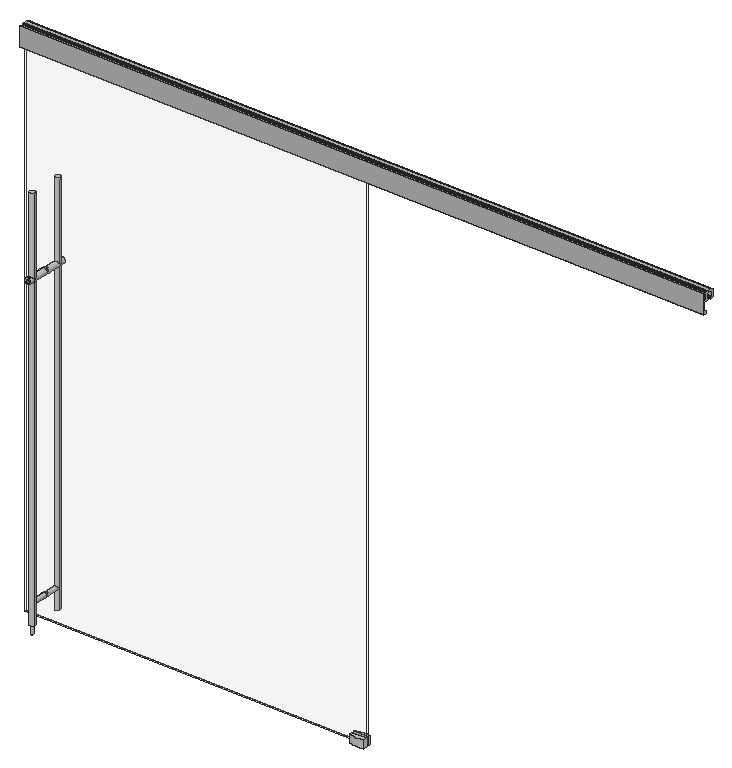
Revit family "Doors_Sliding_Avanti_Systems_Cloud-Assisted-Close-Premium-Sliding-Glass-Door_Solid-Wall", category Doors, host Wall, Revit 2015 (continued)
Definition of nested family "Handle"
  Definition of nested family "Handle_For-Glass_Rounded_600mm"
    Parameters (values of type "Handle_For-Glass_Rounded_600mm")
      Handle Height [instance] = 48"  # constant formula
      Default Elevation = 48"
    Reference planes (in)
      plane 1 "Center (Front/Back)": y = 0
      plane 2: z = 26.93599
      plane 3 "Center (Left/Right)": x = 0
      plane 4: z = 0
      plane 5: z = -2.66749
      plane 6: y = -28.44876
      plane 7: y = 14.63423
      plane 8: y = -33.36577
    Forms (in)
      Sweep 1, solid, material <- "Handle Material"
        path origin (0, -17.24158, 0) x (0, 0, 1) y (0, -1, 0)
          loop
            line (-2.10925, 11.20718) -> (0, 11.20718)
        profile origin (0, -28.44876, 0) x (0, -1, 0) y (1, 0, 0)
          loop
            circle (0, 0) r 0.3125
      Sweep 2, solid, material <- "Handle Material"
        path origin (0, 10.76459, 0) x (0, 0, 1) y (0, -1, 0)
          loop
            line (-2.30394, 1.07019) -> (0, 1.07019)
        profile origin (0, 9.69441, 0) x (0, -1, 0) y (1, 0, 0)
          loop
            circle (0, 0) r 0.3125
      Extrusion 3, solid, material <- "Handle Material"
        sketch origin (0, -17.24158, 0) x (1, 0, 0) y (0, 0, -1)
          loop
            circle (0, 2.27257) r 0.39445
        from -16.12419 to 31.87581
    Dimensions and locks (in)
      locked: plane 8 to plane 6 at 4.91701
      "Handle Height": plane 7 to plane 8
      aligned and locked: plane 7 to Extrusion 3
      aligned and locked: Extrusion 3 to plane 8
  Definition of nested family "Handle_For-Glass_Rounded_60in"
    Parameters (values of type "60"")
      No locker [instance] = yes
      Locker [instance] = yes
      Handle Material [instance] = none
      Handle Height [instance] = 60"  # constant formula
    Reference planes (in)
      plane 1 "Center (Front/Back)": y = 0
      plane 2: z = 19.87581
      plane 3 "Center (Left/Right)": x = 0
      plane 4: z = 2.66749
      plane 5: y = -36.97039
      plane 6: z = 0
      plane 7: y = 20.02961
      plane 8: y = -39.97039
    Forms (in)
      Sweep 1, solid, material <- "Handle Material"
        path origin (0, -11.8462, 0) x (0, 0, -1) y (0, 1, 0)
          loop
            line (-2.10925, -25.12419) -> (0, -25.12419)
        profile origin (0, -36.97039, 0) x (1, 0, 0) y (0, 1, 0)
          loop
            circle (0, 0) r 0.3125
      Sweep 2, solid, material <- "Handle Material"
        path origin (0, 16.15997, 0) x (0, 0, -1) y (0, 1, 0)
          loop
            line (-3.10757, -8.13036) -> (0, -8.13036)
        profile origin (0, 8.02961, 0) x (1, 0, 0) y (0, 1, 0)
          loop
            circle (0, 0) r 0.4375
      Extrusion 3, solid, material <- "Handle Material"
        sketch origin (0, -11.8462, 0) x (1, 0, 0) y (0, 0, -1)
          loop
            circle (0, -2.27257) r 0.39445
        from -28.12419 to 31.87581
      Revolve 4, solid, material <- "Handle Material"
        sketch origin (0, -11.8462, 0) x (0, 0, -1) y (0, 1, 0)
          loop
            line (-3.10757, 20.0489) -> (-3.19084, 20.0489) -> (-3.19084, 19.87581) -> (-3.10757, 19.87581) -> (-3.10757, 20.0489)
          axis (-3.10757, 19.87581) -> (-3.19084, 19.87581)
        angle from 0 to 360
      Extrusion 5, solid, material <- "Handle Material", visible <- "Locker"
        sketch origin (0, -11.8462, 0) x (0, 0, -1) y (0, 1, 0)
          loop
            line (-3.19084, 19.98905) -> (-3.34908, 19.98905)
            arc (-3.34908, 19.98905) -> (-3.37904, 19.97664) -> (-3.39145, 19.94668) r 0.04237
            line (-3.39145, 19.94668) -> (-3.39145, 19.80495)
            arc (-3.39145, 19.80495) -> (-3.37904, 19.77499) -> (-3.34908, 19.76258) r 0.04237
            line (-3.34908, 19.76258) -> (-3.19084, 19.76258) -> (-3.19084, 19.98905)
        from -0.03592 to 0.03621
      Revolve 6, solid, material <- "Handle Material", visible <- "No locker"
        sketch origin (0, -11.62359, 0) x (0, 0, -1) y (0, 1, 0)
          loop
            line (-3.10757, 20.0489) -> (-3.20833, 20.0489) -> (-3.20833, 19.87581) -> (-3.10757, 19.87581) -> (-3.10757, 20.0489)
          axis (-3.10757, 19.87581) -> (-3.20833, 19.87581)
        angle from 0 to 360
      Revolve 7, solid, material <- "Handle Material", visible <- "Locker"
        sketch origin (0, -11.8462, 0) x (0, 0, -1) y (0, 1, 0)
          loop
            line (-2.27257, -28.12419) -> (-2.50833, -28.12419) -> (-2.50833, -29.32199) -> (-2.41048, -29.49919) -> (-2.27257, -29.49919) -> (-2.27257, -28.12419)
          axis (-2.27257, -28.12419) -> (-2.27257, -29.49919)
        angle from 0 to 360
    Lines and regions (in)
      reference lines
        curve 1: line (0, -40.47039, 2.66749) -> (0, -40.47039, 0)
    Dimensions and locks (in)
      locked: plane 8 to plane 5 at 3
      "Handle Height": plane 7 to plane 8
      aligned and locked: Extrusion 3 to plane 7
      aligned and locked: Extrusion 3 to plane 8
      aligned and locked: Sweep 1 sketch curve to plane 5
  Definition of nested family "Handle_For-Glass_Rounded_60in2"
    Parameters (values of type "60"")
      No locker [instance] = yes
      Locker [instance] = yes
      Handle Material [instance] = none
      Handle Height [instance] = 60"  # constant formula
    Reference planes (in)
      plane 1 "Center (Front/Back)": y = 0
      plane 2: z = 19.87581
      plane 3 "Center (Left/Right)": x = 0
      plane 4: y = -36.97039
      plane 5: z = 0
      plane 6: y = 20.02961
      plane 7: y = -39.97039
      plane 8: z = -2.66749
    Forms (in)
      Sweep 1, solid, material <- "Handle Material"
        path origin (0, -11.8462, 0) x (0, 0, 1) y (0, 1, 0)
          loop
            line (-2.10925, -25.12419) -> (0, -25.12419)
        profile origin (0, -36.97039, 0) x (0, -1, 0) y (1, 0, 0)
          loop
            circle (0, 0) r 0.3125
      Sweep 2, solid, material <- "Handle Material"
        path origin (0, 16.15997, 0) x (0, 0, 1) y (0, 1, 0)
          loop
            line (-3.10757, -8.13036) -> (0, -8.13036)
        profile origin (0, 8.02961, 0) x (0, -1, 0) y (1, 0, 0)
          loop
            circle (0, 0) r 0.4375
      Extrusion 3, solid, material <- "Handle Material"
        sketch origin (0, -11.8462, 0) x (1, 0, 0) y (0, 0, -1)
          loop
            circle (0, 2.27257) r 0.39445
        from -28.12419 to 31.87581
      Revolve 4, solid, material <- "Handle Material"
        sketch origin (0, -11.8462, 0) x (0, 0, 1) y (0, 1, 0)
          loop
            line (-3.10757, 20.0489) -> (-3.19084, 20.0489) -> (-3.19084, 19.87581) -> (-3.10757, 19.87581) -> (-3.10757, 20.0489)
          axis (-3.10757, 19.87581) -> (-3.19084, 19.87581)
        angle from 0 to 360
      Extrusion 5, solid, material <- "Handle Material", visible <- "Locker"
        sketch origin (0, -11.8462, 0) x (0, 0, 1) y (0, -1, 0)
          loop
            line (-3.19084, -19.98905) -> (-3.19084, -19.76258) -> (-3.34908, -19.76258)
            arc (-3.34908, -19.76258) -> (-3.37904, -19.77499) -> (-3.39145, -19.80495) r 0.04237
            line (-3.39145, -19.80495) -> (-3.39145, -19.94668)
            arc (-3.39145, -19.94668) -> (-3.37904, -19.97664) -> (-3.34908, -19.98905) r 0.04237
            line (-3.34908, -19.98905) -> (-3.19084, -19.98905)
        from -0.03592 to 0.03621
      Revolve 6, solid, material <- "Handle Material", visible <- "No locker"
        sketch origin (0, -11.62359, 0) x (0, 0, 1) y (0, 1, 0)
          loop
            line (-3.10757, 20.0489) -> (-3.20833, 20.0489) -> (-3.20833, 19.87581) -> (-3.10757, 19.87581) -> (-3.10757, 20.0489)
          axis (-3.10757, 19.87581) -> (-3.20833, 19.87581)
        angle from 0 to 360
      Revolve 7, solid, material <- "Handle Material", visible <- "Locker"
        sketch origin (0, -11.8462, 0) x (0, 0, 1) y (0, 1, 0)
          loop
            line (-2.27257, -28.12419) -> (-2.50833, -28.12419) -> (-2.50833, -29.32199) -> (-2.41048, -29.49919) -> (-2.27257, -29.49919) -> (-2.27257, -28.12419)
          axis (-2.27257, -28.12419) -> (-2.27257, -29.49919)
        angle from 0 to 360
    Lines and regions (in)
      reference lines
        curve 1: line (0, -40.47039, -2.66749) -> (0, -40.47039, 0)
    Dimensions and locks (in)
      locked: plane 7 to plane 4 at 3
      "Handle Height": plane 6 to plane 7
Definition of nested family "Trolley"
  Parameters (values of type "Family9")
    Thickness = 1/2"
    Side width = (211/256" - Thickness) / 2  # 0.16211"
  Reference planes (in)
    plane 1 "Center (Front/Back)": y = 0
    plane 2: z = 0
    plane 3 "Center (Left/Right)": x = 0
  Lines and regions (in)
    model lines, in view "Ref. Level"
      curve 1: arc (-0.24017, -1.1592, 0) -> (-0.24435, -1.15838, 0) -> (-0.24834, -1.15985, 0) r 0.00786
      curve 2: arc (-0.28815, -1.18878, 0) -> (-0.28304, -1.19885, 0) -> (-0.28602, -1.20975, 0) r 0.0157
      curve 3: arc (-0.28602, -1.20975, 0) -> (-0.29555, -1.21582, 0) -> (-0.30669, -1.21392, 0) r 0.0157
      curve 4: arc (-0.30669, -1.21392, 0) -> (-0.31367, -1.20503, 0) -> (-0.31286, -1.19376, 0) r 0.01571
      curve 5: arc (-0.27066, -0.28009, 0) -> (-0.26711, -0.28219, 0) -> (-0.26298, -0.2822, 0) r 0.00782
      curve 6: arc (-0.22509, -0.27206, 0) -> (-0.2188, -0.26785, 0) -> (-0.21637, -0.26069, 0) r 0.01177
      curve 7: arc (-0.21637, -0.25109, 0) -> (-0.21726, -0.24658, 0) -> (-0.21982, -0.24276, 0) r 0.01176
      curve 8: arc (-0.21982, -0.24276, 0) -> (-0.22363, -0.24021, 0) -> (-0.22814, -0.23931, 0) r 0.01176
      curve 9: arc (-0.24313, -0.23931, 0) -> (-0.24674, -0.23844, 0) -> (-0.24954, -0.236, 0) r 0.00785
      curve 10: arc (-0.24954, -0.236, 0) -> (-0.2509, -0.23255, 0) -> (-0.25053, -0.22886, 0) r 0.00788
      curve 11: arc (-0.2256, -0.15823, 0) -> (-0.21844, -0.14876, 0) -> (-0.20712, -0.14516, 0) r 0.01959
      curve 12: arc (0.20679, -0.14516, 0) -> (0.21811, -0.14876, 0) -> (0.22527, -0.15823, 0) r 0.0196
      curve 13: arc (0.2502, -0.22885, 0) -> (0.25057, -0.23255, 0) -> (0.2492, -0.236, 0) r 0.00784
      curve 14: arc (0.2492, -0.236, 0) -> (0.2464, -0.23844, 0) -> (0.24279, -0.23931, 0) r 0.00781
      curve 15: arc (0.2278, -0.23931, 0) -> (0.2233, -0.24021, 0) -> (0.21949, -0.24276, 0) r 0.01173
      curve 16: arc (0.21949, -0.24276, 0) -> (0.21694, -0.24658, 0) -> (0.21604, -0.25109, 0) r 0.01176
      curve 17: arc (0.21604, -0.26069, 0) -> (0.21847, -0.26785, 0) -> (0.22476, -0.27206, 0) r 0.01177
      curve 18: arc (0.26266, -0.2822, 0) -> (0.26678, -0.28219, 0) -> (0.27033, -0.28009, 0) r 0.00782
      curve 19: arc (0.56366, -1.06341, 0) -> (0.53638, -1.06787, 0) -> (0.51414, -1.08429, 0) r 0.05889
      curve 20: arc (0.31252, -1.19376, 0) -> (0.31334, -1.20503, 0) -> (0.30637, -1.21392, 0) r 0.01569
      curve 21: arc (0.30637, -1.21392, 0) -> (0.29523, -1.21583, 0) -> (0.28569, -1.20975, 0) r 0.0157
      curve 22: arc (0.28569, -1.20975, 0) -> (0.28272, -1.19885, 0) -> (0.28783, -1.18878, 0) r 0.0157
      curve 23: arc (0.24802, -1.15985, 0) -> (0.24402, -1.15838, 0) -> (0.23984, -1.1592, 0) r 0.00786
      curve 24: arc (0.23984, -1.1592, 0) -> (0.23671, -1.1621, 0) -> (0.23556, -1.1662, 0) r 0.00786
      curve 25: arc (0.62508, -1.25014, 0) -> (0.63473, -1.24466, 0) -> (0.64576, -1.24345, 0) r 0.02744
      curve 26: arc (0.64576, -1.24345, 0) -> (0.65637, -1.2467, 0) -> (0.66482, -1.25388, 0) r 0.02742
      curve 27: arc (-0.52894, -0.15575, 0) -> (-0.54348, -0.15488, 0) -> (-0.55452, -0.14536, 0) r 0.02276
      curve 28: arc (-0.56138, -0.13374, 0) -> (-0.57565, -0.12144, 0) -> (-0.59446, -0.12032, 0) r 0.02941
      curve 29: arc (-0.59446, -0.12032, 0) -> (-0.6101, -0.13085, 0) -> (-0.61613, -0.14871, 0) r 0.0294
      curve 30: arc (-0.61613, -1.24062, 0) -> (-0.61177, -1.25399, 0) -> (-0.60037, -1.26224, 0) r 0.02273
      curve 31: arc (-0.60037, -1.26224, 0) -> (-0.58628, -1.2622, 0) -> (-0.57491, -1.25388, 0) r 0.02277
      curve 32: arc (-0.57491, -1.25388, 0) -> (-0.56646, -1.2467, 0) -> (-0.55585, -1.24345, 0) r 0.0274
      curve 33: arc (-0.55585, -1.24345, 0) -> (-0.54481, -1.24466, 0) -> (-0.53516, -1.25015, 0) r 0.02746
      curve 34: arc (-0.23597, -1.16737, 0) -> (-0.23675, -1.16261, 0) -> (-0.24017, -1.1592, 0) r 0.00786
      curve 35: arc (0.59863, -0.00345, 0) -> (0.59481, -0.0009, 0) -> (0.5903, 0, 0) r 0.01177
      curve 36: arc (0.555, 0, 0) -> (0.55049, -0.0009, 0) -> (0.54667, -0.00345, 0) r 0.01178
      curve 37: arc (0.54667, -0.00345, 0) -> (0.54412, -0.00727, 0) -> (0.54322, -0.01178, 0) r 0.01177
      curve 38: arc (0.54322, -0.18407, 0) -> (0.54238, -0.1876, 0) -> (0.54005, -0.19037, 0) r 0.00784
      curve 39: arc (0.54005, -0.19037, 0) -> (0.53671, -0.19181, 0) -> (0.53308, -0.19157, 0) r 0.0078
      curve 40: arc (0.30535, -0.00786, 0) -> (0.30106, -0.00217, 0) -> (0.29426, 0, 0) r 0.01175
      curve 41: arc (0.2733, 0, 0) -> (0.2657, -0.00278, 0) -> (0.26169, -0.00982, 0) r 0.01178
      curve 42: arc (0.26169, -0.00982, 0) -> (0.25768, -0.01684, 0) -> (0.25009, -0.01962, 0) r 0.01176
      curve 43: arc (0.10969, -0.01962, 0) -> (0.10209, -0.01684, 0) -> (0.09808, -0.0098, 0) r 0.01178
      curve 44: arc (0.09808, -0.0098, 0) -> (0.09407, -0.00278, 0) -> (0.08648, 0, 0) r 0.01176
      curve 45: arc (-0.08648, 0, 0) -> (-0.09098, -0.0009, 0) -> (-0.09481, -0.00345, 0) r 0.01178
      curve 46: arc (-0.09481, -0.00345, 0) -> (-0.09735, -0.00728, 0) -> (-0.09825, -0.01178, 0) r 0.01181
      curve 47: arc (-0.44261, -0.20892, 0) -> (-0.4465, -0.20939, 0) -> (-0.45014, -0.20792, 0) r 0.00786
      curve 48: arc (-0.45014, -0.20792, 0) -> (-0.45248, -0.20515, 0) -> (-0.45332, -0.20162, 0) r 0.00782
      curve 49: arc (-0.45332, -0.01178, 0) -> (-0.45421, -0.00727, 0) -> (-0.45677, -0.00345, 0) r 0.01177
      curve 50: arc (-0.45677, -0.00345, 0) -> (-0.46058, -0.0009, 0) -> (-0.46509, 0, 0) r 0.01176
      curve 51: arc (-0.50039, 0, 0) -> (-0.5049, -0.0009, 0) -> (-0.50872, -0.00345, 0) r 0.01178
      curve 52: arc (-0.50872, -0.00345, 0) -> (-0.51127, -0.00727, 0) -> (-0.51217, -0.01178, 0) r 0.0118
      curve 53: arc (-0.51217, -0.13379, 0) -> (-0.51684, -0.14761, 0) -> (-0.52894, -0.15575, 0) r 0.02275
      curve 54: arc (-0.09825, -0.02354, 0) -> (-0.10169, -0.03187, 0) -> (-0.11002, -0.03532, 0) r 0.01178
      curve 55: arc (-0.20418, -0.03532, 0) -> (-0.20869, -0.03442, 0) -> (-0.2125, -0.03187, 0) r 0.01176
      curve 56: arc (-0.2125, -0.03187, 0) -> (-0.21506, -0.02805, 0) -> (-0.21595, -0.02354, 0) r 0.01178
      curve 57: arc (-0.21595, -0.01178, 0) -> (-0.21685, -0.00727, 0) -> (-0.2194, -0.00345, 0) r 0.0118
      curve 58: arc (-0.2194, -0.00345, 0) -> (-0.22322, -0.0009, 0) -> (-0.22773, 0, 0) r 0.01178
      curve 59: arc (-0.24883, 0, 0) -> (-0.25563, -0.00217, 0) -> (-0.25992, -0.00786, 0) r 0.01176
      curve 60: arc (0.59863, -0.00345, 0) -> (0.60118, -0.00727, 0) -> (0.60208, -0.01178, 0) r 0.01177
      curve 61: arc (0.60208, -0.1338, 0) -> (0.60675, -0.14761, 0) -> (0.61884, -0.15575, 0) r 0.02274
      curve 62: arc (0.61884, -0.15575, 0) -> (0.63339, -0.15488, 0) -> (0.64442, -0.14536, 0) r 0.02275
      curve 63: arc (0.65128, -0.13374, 0) -> (0.66556, -0.12144, 0) -> (0.68437, -0.12032, 0) r 0.02941
      curve 64: arc (0.68437, -0.12032, 0) -> (0.70001, -0.13084, 0) -> (0.70605, -0.1487, 0) r 0.02941
      curve 65: arc (0.70605, -1.24058, 0) -> (0.70169, -1.25398, 0) -> (0.69027, -1.26224, 0) r 0.02274
      curve 66: arc (0.69027, -1.26224, 0) -> (0.67619, -1.2622, 0) -> (0.66482, -1.25388, 0) r 0.02275
      curve 67: line (-0.24834, -1.15985, 0) -> (-0.28815, -1.18878, 0)
      curve 68: line (-0.31286, -1.19376, 0) -> (-0.45755, -1.15227, 0)
      curve 69: line (-0.45755, -1.15227, 0) -> (-0.53767, -1.05679, 0)
      curve 70: line (-0.53767, -1.05679, 0) -> (-0.54159, -1.0505, 0)
      curve 71: line (-0.54159, -0.34429, 0) -> (-0.51433, -0.31702, 0)
      curve 72: line (-0.51433, -0.31702, 0) -> (-0.29866, -0.25109, 0)
      curve 73: line (-0.29866, -0.25109, 0) -> (-0.27066, -0.28009, 0)
      curve 74: line (-0.26298, -0.2822, 0) -> (-0.22509, -0.27206, 0)
      curve 75: line (-0.21637, -0.26069, 0) -> (-0.21637, -0.25109, 0)
      curve 76: line (-0.22814, -0.23931, 0) -> (-0.24313, -0.23931, 0)
      curve 77: line (-0.25053, -0.22886, 0) -> (-0.2256, -0.15823, 0)
      curve 78: line (-0.20712, -0.14516, 0) -> (0.20679, -0.14516, 0)
      curve 79: line (0.22527, -0.15823, 0) -> (0.2502, -0.22885, 0)
      curve 80: line (0.24279, -0.23931, 0) -> (0.2278, -0.23931, 0)
      curve 81: line (0.21604, -0.25109, 0) -> (0.21604, -0.26069, 0)
      curve 82: line (0.22476, -0.27206, 0) -> (0.26266, -0.2822, 0)
      curve 83: line (0.27033, -0.28009, 0) -> (0.29833, -0.25109, 0)
      curve 84: line (0.29833, -0.25109, 0) -> (0.51335, -0.31683, 0)
      curve 85: line (0.51335, -0.31683, 0) -> (0.54911, -0.31683, 0)
      curve 86: line (0.54911, -0.31683, 0) -> (0.57658, -0.34429, 0)
      curve 87: line (0.57658, -1.0505, 0) -> (0.56366, -1.06341, 0)
      curve 88: line (0.51414, -1.08429, 0) -> (0.45705, -1.15232, 0)
      curve 89: line (0.45705, -1.15232, 0) -> (0.31252, -1.19376, 0)
      curve 90: line (0.28783, -1.18878, 0) -> (0.24802, -1.15985, 0)
      curve 91: line (0.23556, -1.1662, 0) -> (0.23556, -1.22214, 0)
      curve 92: line (0.23556, -1.22214, 0) -> (0.30409, -1.29473, 0)
      curve 93: line (0.30409, -1.29473, 0) -> (0.57402, -1.29473, 0)
      curve 94: line (0.57402, -1.29473, 0) -> (0.62508, -1.25014, 0)
      curve 95: line (-0.55452, -0.14536, 0) -> (-0.56138, -0.13374, 0)
      curve 96: line (-0.53516, -1.25015, 0) -> (-0.48854, -1.29103, 0)
      curve 97: line (-0.48854, -1.29103, 0) -> (-0.30455, -1.29473, 0)
      curve 98: line (-0.30455, -1.29473, 0) -> (-0.23597, -1.22615, 0)
      curve 99: line (-0.23597, -1.22615, 0) -> (-0.23597, -1.16737, 0)
      curve 100: line (0.5903, 0, 0) -> (0.555, 0, 0)
      curve 101: line (0.54322, -0.01178, 0) -> (0.54322, -0.18407, 0)
      curve 102: line (0.53308, -0.19157, 0) -> (0.35048, -0.13574, 0)
      curve 103: line (0.35048, -0.13574, 0) -> (0.30535, -0.00786, 0)
      curve 104: line (0.29426, 0, 0) -> (0.2733, 0, 0)
      curve 105: line (0.25009, -0.01962, 0) -> (0.10969, -0.01962, 0)
      curve 106: line (0.08648, 0, 0) -> (-0.08648, 0, 0)
      curve 107: line (-0.09825, -0.01178, 0) -> (-0.09825, -0.02354, 0)
      curve 108: line (-0.45332, -0.20162, 0) -> (-0.45332, -0.01178, 0)
      curve 109: line (-0.46509, 0, 0) -> (-0.50039, 0, 0)
      curve 110: line (-0.51217, -0.01178, 0) -> (-0.51217, -0.13379, 0)
      curve 111: line (-0.11002, -0.03532, 0) -> (-0.20418, -0.03532, 0)
      curve 112: line (-0.21595, -0.02354, 0) -> (-0.21595, -0.01178, 0)
      curve 113: line (-0.22773, 0, 0) -> (-0.24883, 0, 0)
      curve 114: line (-0.25992, -0.00786, 0) -> (-0.31736, -0.17065, 0)
      curve 115: line (-0.31736, -0.17065, 0) -> (-0.44261, -0.20892, 0)
      curve 116: line (0.60208, -0.01178, 0) -> (0.60208, -0.1338, 0)
      curve 117: line (0.64442, -0.14536, 0) -> (0.65128, -0.13374, 0)
      curve 118: line (0.70605, -0.1487, 0) -> (0.70605, -1.24058, 0)
      curve 119: line (0.16124, -0.30816, 0) -> (0.16124, -0.33498, 0)
      curve 120: line (0.11489, -1.34693, 0) -> (0.14514, -1.36702, 0)
      curve 121: line (0.14514, -1.36702, 0) -> (0.11941, -1.38654, 0)
      curve 122: line (0.11941, -1.38654, 0) -> (0.14534, -1.40228, 0)
      curve 123: line (0.14534, -1.40228, 0) -> (0.11894, -1.42221, 0)
      curve 124: line (0.11894, -1.42221, 0) -> (0.14445, -1.43783, 0)
      curve 125: line (0.14445, -1.43783, 0) -> (0.11992, -1.45576, 0)
      curve 126: line (0.11992, -1.45576, 0) -> (0.14467, -1.47142, 0)
      curve 127: line (0.14467, -1.47142, 0) -> (0.12055, -1.49058, 0)
      curve 128: line (0.12055, -1.49058, 0) -> (0.14509, -1.50735, 0)
      curve 129: line (0.14509, -1.50735, 0) -> (0.12044, -1.52621, 0)
      curve 130: line (0.12044, -1.52621, 0) -> (0.1449, -1.54245, 0)
      curve 131: line (0.1449, -1.54245, 0) -> (0.11916, -1.56198, 0)
      curve 132: line (0.11916, -1.56198, 0) -> (0.14509, -1.57772, 0)
      curve 133: line (0.14509, -1.57772, 0) -> (0.11868, -1.59765, 0)
      curve 134: line (0.11868, -1.59765, 0) -> (0.1442, -1.61325, 0)
      curve 135: line (0.1442, -1.61325, 0) -> (0.12075, -1.62879, 0)
      curve 136: line (-0.11979, -1.62879, 0) -> (-0.14264, -1.61299, 0)
      curve 137: line (-0.14264, -1.61299, 0) -> (-0.11813, -1.59134, 0)
      curve 138: line (-0.11813, -1.59134, 0) -> (-0.14271, -1.57658, 0)
      curve 139: line (-0.14271, -1.57658, 0) -> (-0.11922, -1.55721, 0)
      curve 140: line (-0.12026, -1.55388, 0) -> (-0.14265, -1.54072, 0)
      curve 141: line (-0.14265, -1.54072, 0) -> (-0.11934, -1.52027, 0)
      curve 142: line (-0.11934, -1.52027, 0) -> (-0.14271, -1.50536, 0)
      curve 143: line (-0.14271, -1.50536, 0) -> (-0.11899, -1.48459, 0)
      curve 144: line (-0.11899, -1.48459, 0) -> (-0.14265, -1.47087, 0)
      curve 145: line (-0.14265, -1.47087, 0) -> (-0.11897, -1.45374, 0)
      curve 146: line (-0.12151, -1.45199, 0) -> (0.11894, -1.42221, 0)
      curve 147: line (-0.11897, -1.45374, 0) -> (-0.14238, -1.43754, 0)
      curve 148: line (-0.14238, -1.43754, 0) -> (-0.11788, -1.4159, 0)
      curve 149: line (-0.11788, -1.4159, 0) -> (-0.14246, -1.40114, 0)
      curve 150: line (-0.14246, -1.40114, 0) -> (-0.11705, -1.38018, 0)
      curve 151: line (-0.11705, -1.38018, 0) -> (-0.14241, -1.36528, 0)
      curve 152: line (-0.14241, -1.36528, 0) -> (-0.12121, -1.34693, 0)
      curve 153: line (-0.1173, -1.55561, 0) -> (0.11885, -1.5264, 0)
      curve 154: line (0.11885, -1.5264, 0) -> (-0.12172, -1.55616, 0)
      curve 155: line (-0.11898, -1.4846, 0) -> (0.11879, -1.45504, 0)
      curve 156: line (-0.11806, -1.62696, 0) -> (0.11868, -1.59764, 0)
      curve 157: line (0.11868, -1.59764, 0) -> (-0.11806, -1.62696, 0)
      curve 158: line (0.11888, -1.56201, 0) -> (-0.11813, -1.59134, 0)
      curve 159: line (-0.11813, -1.59134, 0) -> (0.11888, -1.56201, 0)
      curve 160: line (0.11882, -1.4908, 0) -> (-0.11934, -1.52027, 0)
      curve 161: line (-0.11934, -1.52027, 0) -> (0.11882, -1.4908, 0)
      curve 162: line (-0.11705, -1.38017, 0) -> (0.11911, -1.35096, 0)
      curve 163: line (0.11911, -1.35096, 0) -> (-0.11705, -1.38017, 0)
      curve 164: line (0.11914, -1.38657, 0) -> (-0.11788, -1.4159, 0)
      curve 165: line (-0.11788, -1.4159, 0) -> (0.11914, -1.38657, 0)
      curve 166: line (-0.29006, -1.17512, 0) -> (-0.31947, -1.17512, 0)
      curve 167: line (-0.31947, -1.17512, 0) -> (-0.31947, -0.7514, 0)
      curve 168: line (-0.31947, -0.7514, 0) -> (-0.31947, -0.32767, 0)
      curve 169: line (-0.31947, -0.32767, 0) -> (-0.29006, -0.32767, 0)
      curve 170: line (-0.29006, -0.32767, 0) -> (-0.2116, -0.40613, 0)
      curve 171: line (-0.2116, -0.40613, 0) -> (-0.2116, -1.09666, 0)
      curve 172: line (-0.2116, -1.09666, 0) -> (-0.29006, -1.17512, 0)
      curve 173: line (-0.29006, -1.17512, 0) -> (-0.29006, -0.7514, 0)
      curve 174: line (-0.29006, -0.7514, 0) -> (-0.29006, -0.32767, 0)
      curve 175: line (-0.31947, -1.17512, 0) -> (-0.45453, -1.12908, 0)
      curve 176: line (-0.45453, -1.12908, 0) -> (-0.45453, -0.37648, 0)
      curve 177: line (-0.45453, -0.37648, 0) -> (-0.31948, -0.32767, 0)
      curve 178: line (0.29452, -1.17512, 0) -> (0.32392, -1.17512, 0)
      curve 179: line (0.32392, -1.17512, 0) -> (0.29452, -1.17512, 0)
      curve 180: line (0.29452, -1.17512, 0) -> (0.21605, -1.09666, 0)
      curve 181: line (0.21605, -1.09666, 0) -> (0.21605, -0.40613, 0)
      curve 182: line (0.21605, -0.40613, 0) -> (0.29452, -0.32767, 0)
      curve 183: line (0.29452, -0.32767, 0) -> (0.32389, -0.32767, 0)
      curve 184: line (0.32389, -0.32767, 0) -> (0.29452, -0.32767, 0)
      curve 185: line (0.29452, -0.32767, 0) -> (0.29452, -0.7514, 0)
      curve 186: line (0.29452, -0.7514, 0) -> (0.29452, -1.17512, 0)
      curve 187: line (0.19488, -0.5747, 0) -> (0.21212, -0.57484, 0)
      curve 188: line (0.21605, -0.57484, 0) -> (0.21605, -0.92795, 0)
      curve 189: line (-0.2116, -0.57484, 0) -> (-0.19735, -0.57484, 0)
      curve 190: line (-0.16832, -0.33498, 0) -> (-0.16832, -0.30273, 0)
      curve 191: line (-0.16832, -0.30004, 0) -> (-0.16832, -0.29164, 0)
      curve 192: line (-0.16832, -0.28888, 0) -> (-0.16832, -0.27175, 0)
      curve 193: line (-0.16832, -0.27175, 0) -> (-0.00354, -0.26786, 0)
      curve 194: line (-0.00354, -0.26786, 0) -> (0.16124, -0.27074, 0)
      curve 195: line (0.16124, -0.27339, 0) -> (0.16124, -0.28888, 0)
      curve 196: line (0.16124, -0.38524, 0) -> (0.16124, -0.36578, 0)
      curve 197: line (0.06316, -0.54616, 0) -> (0.06316, -0.5191, 0)
      curve 198: line (0.06316, -0.5191, 0) -> (-0.07023, -0.5191, 0)
      curve 199: line (-0.07023, -0.5191, 0) -> (-0.07023, -0.54616, 0)
      curve 200: line (-0.32968, -0.33135, 0) -> (-0.32986, -0.321, 0)
      curve 201: line (-0.32986, -0.321, 0) -> (-0.23231, -0.32015, 0)
      curve 202: line (-0.23231, -0.32015, 0) -> (-0.16832, -0.31959, 0)
      curve 203: line (-0.16832, -0.49349, 0) -> (-0.16832, -0.48532, 0)
      curve 204: line (-0.16832, -0.48532, 0) -> (-0.16832, -0.39668, 0)
      curve 205: line (-0.16832, -0.39668, 0) -> (-0.16832, -0.29831, 0)
      curve 206: line (-0.16832, -0.29831, 0) -> (-0.16832, -0.28888, 0)
      curve 207: line (0.33846, -0.33306, 0) -> (0.33846, -0.321, 0)
      curve 208: line (0.33846, -0.321, 0) -> (0.32278, -0.321, 0)
      curve 209: line (0.32278, -0.321, 0) -> (0.22523, -0.32015, 0)
      curve 210: line (0.22523, -0.32015, 0) -> (0.22242, -0.39976, 0)
      curve 211: line (0.22242, -0.39976, 0) -> (0.22523, -0.32015, 0)
      curve 212: line (0.22523, -0.32015, 0) -> (0.16124, -0.31959, 0)
      curve 213: line (-0.22994, -0.38779, 0) -> (-0.23231, -0.32015, 0)
      curve 214: line (0.06316, -0.5191, 0) -> (0.21605, -0.5191, 0)
      curve 215: line (-0.2116, -0.5191, 0) -> (-0.07023, -0.5191, 0)
      curve 216: line (-0.16832, -0.5191, 0) -> (-0.16832, -0.49633, 0)
      curve 217: line (-0.16832, -0.49349, 0) -> (-0.16832, -0.5191, 0)
      curve 218: line (-0.00354, -0.5191, 0) -> (0.1525, -0.5191, 0)
      curve 219: line (-0.16832, -0.48532, 0) -> (-0.16832, -0.51006, 0)
      curve 220: line (0.16124, -0.48533, 0) -> (0.16124, -0.49348, 0)
      curve 221: line (0.16124, -0.49348, 0) -> (0.16124, -0.5191, 0)
      curve 222: line (-0.16126, -0.30676, 0) -> (-0.00354, -0.30309, 0)
      curve 223: line (-0.00354, -0.30309, 0) -> (0.15418, -0.30676, 0)
      curve 224: line (0.16124, -0.27074, 0) -> (0.16124, -0.39668, 0)
      curve 225: line (0.16124, -0.39668, 0) -> (0.16124, -0.48533, 0)
      curve 226: line (0.16124, -0.48533, 0) -> (0.16124, -0.51006, 0)
      curve 227: line (0.21605, -0.54616, 0) -> (0.19488, -0.54616, 0)
      curve 228: line (0.19488, -0.54616, 0) -> (-0.00124, -0.54616, 0)
      curve 229: line (-0.00124, -0.54616, 0) -> (-0.19735, -0.54616, 0)
      curve 230: line (-0.19735, -0.54616, 0) -> (-0.2116, -0.54616, 0)
      curve 231: line (-0.19735, -1.18371, 0) -> (-0.07965, -1.18371, 0)
      curve 232: line (-0.07965, -1.18371, 0) -> (-0.00129, -1.18371, 0)
      curve 233: line (-0.00129, -1.18371, 0) -> (0.07718, -1.18371, 0)
      curve 234: line (0.07718, -1.18371, 0) -> (0.19488, -1.18371, 0)
      curve 235: line (-0.19735, -0.54616, 0) -> (-0.19735, -0.56627, 0)
      curve 236: line (-0.19735, -0.56627, 0) -> (-0.19735, -0.59913, 0)
      curve 237: line (-0.19735, -0.56627, 0) -> (-0.00124, -0.56627, 0)
      curve 238: line (-0.00124, -0.56627, 0) -> (-0.00124, -0.59913, 0)
      curve 239: line (-0.00124, -0.59913, 0) -> (0.19488, -0.59913, 0)
      curve 240: line (0.19488, -0.59913, 0) -> (0.19488, -0.97345, 0)
      curve 241: line (0.19488, -0.97345, 0) -> (0.19488, -1.18371, 0)
      curve 242: line (0.19488, -1.18371, 0) -> (0.19488, -1.34693, 0)
      curve 243: line (0.19488, -1.34693, 0) -> (0.10711, -1.34693, 0)
      curve 244: line (0.07718, -1.18371, 0) -> (0.07718, -1.34693, 0)
      curve 245: line (0.07718, -1.34693, 0) -> (0.10711, -1.34693, 0)
      curve 246: line (0.10711, -1.34693, 0) -> (0.07718, -1.34693, 0)
      curve 247: line (0.07718, -1.34693, 0) -> (-0.00124, -1.34693, 0)
      curve 248: line (-0.00124, -1.34693, 0) -> (-0.07965, -1.34693, 0)
      curve 249: line (-0.07965, -1.34693, 0) -> (-0.07965, -1.18371, 0)
      curve 250: line (-0.07965, -1.34693, 0) -> (-0.10958, -1.34693, 0)
      curve 251: line (-0.10958, -1.34693, 0) -> (-0.19735, -1.34693, 0)
      curve 252: line (-0.19735, -1.34693, 0) -> (-0.19735, -1.18371, 0)
      curve 253: line (-0.19735, -1.18371, 0) -> (-0.19735, -0.97345, 0)
      curve 254: line (-0.19735, -0.97345, 0) -> (-0.19735, -0.59913, 0)
      curve 255: line (-0.19735, -0.59913, 0) -> (-0.00124, -0.59913, 0)
      curve 256: line (0.19488, -0.54616, 0) -> (0.19488, -0.56627, 0)
      curve 257: line (0.19488, -0.56627, 0) -> (0.19488, -0.59913, 0)
      curve 258: line (0.19488, -0.56627, 0) -> (-0.00124, -0.56627, 0)
      curve 259: line (-0.00124, -0.56627, 0) -> (-0.00124, -0.54616, 0)
      curve 260: line (0.32392, -0.32779, 0) -> (0.32392, -0.7514, 0)
      curve 261: line (0.32392, -0.7514, 0) -> (0.32392, -1.17512, 0)
      curve 262: line (0.32392, -1.17512, 0) -> (0.45133, -1.12911, 0)
      curve 263: line (0.45133, -1.12911, 0) -> (0.45133, -0.37404, 0)
      curve 264: line (0.28019, -1.82497, 0) -> (0.41385, -1.82497, 0)
      curve 265: line (0.41385, -1.82497, 0) -> (0.41385, -2.82565, 0)
      curve 266: line (0.41385, -2.82565, 0) -> (0.25174, -2.82565, 0)
      curve 267: line (0.25174, -2.82565, 0) -> (0.25174, -1.82502, 0)
      curve 268: line (0.28019, -1.82497, 0) -> (-0.24826, -1.82602, 0)
      curve 269: line (-0.41037, -1.82608, 0) -> (-0.24826, -1.82608, 0)
      curve 270: line (-0.24826, -1.82602, 0) -> (-0.24826, -2.82565, 0)
      curve 271: line (-0.24826, -2.82565, 0) -> (-0.41037, -2.82565, 0)
      curve 272: line (-0.41037, -2.82565, 0) -> (-0.41037, -1.82608, 0)
      curve 273: line (-0.25312, -1.78574, 0) -> (-0.25312, -1.62879, 0)
      curve 274: line (-0.25312, -1.62879, 0) -> (0.25692, -1.62879, 0)
      curve 275: line (0.25692, -1.62879, 0) -> (0.25692, -1.78574, 0)
      curve 276: line (-0.13542, -1.62879, 0) -> (-0.13542, -1.78574, 0)
      curve 277: line (0.13922, -1.62879, 0) -> (0.13922, -1.78574, 0)
      curve 278: line (-0.33159, -1.82608, 0) -> (-0.33159, -1.78574, 0)
      curve 279: line (-0.33159, -1.78574, 0) -> (0.25692, -1.78574, 0)
      curve 280: line (0.25692, -1.78574, 0) -> (0.33539, -1.78574, 0)
      curve 281: line (0.33539, -1.78574, 0) -> (0.33539, -1.82497, 0)
      curve 282: line (0.32392, -0.32779, 0) -> (0.45133, -0.37404, 0)
      curve 285: arc (1.01792, -1.07349, 0) -> (1.01643, -1.081, 0) -> (1.01217, -1.08736, 0) r 0.01961
      curve 286: arc (1.01217, -1.08736, 0) -> (1.00582, -1.09161, 0) -> (0.99832, -1.09311, 0) r 0.01958
      curve 287: arc (0.95849, -1.09311, 0) -> (0.94653, -1.08904, 0) -> (0.93954, -1.07852, 0) r 0.01961
      curve 288: arc (0.93954, -1.07852, 0) -> (0.92739, -1.04941, 0) -> (0.90786, -1.02465, 0) r 0.11604
      curve 289: arc (0.90786, -1.02465, 0) -> (0.86913, -1.00004, 0) -> (0.82388, -0.9924, 0) r 0.11585
      curve 290: arc (0.82391, -0.9924, 0) -> (0.81315, -0.99603, 0) -> (0.8062, -1.005, 0) r 0.01964
      curve 291: arc (0.8062, -1.005, 0) -> (0.80413, -1.0159, 0) -> (0.80597, -1.02684, 0) r 0.03141
      curve 292: arc (0.80597, -1.02684, 0) -> (0.81281, -1.03886, 0) -> (0.82589, -1.04338, 0) r 0.01962
      curve 293: arc (0.82589, -1.04338, 0) -> (0.8625, -1.05355, 0) -> (0.8871, -1.08251, 0) r 0.06473
      curve 294: arc (0.8871, -1.08251, 0) -> (0.89121, -1.12029, 0) -> (0.8734, -1.15387, 0) r 0.06475
      curve 295: arc (0.8734, -1.15387, 0) -> (0.83983, -1.17167, 0) -> (0.80205, -1.16756, 0) r 0.06475
      curve 296: arc (0.80205, -1.16756, 0) -> (0.77309, -1.14295, 0) -> (0.76292, -1.10634, 0) r 0.06477
      curve 297: arc (0.76292, -1.10634, 0) -> (0.75841, -1.09328, 0) -> (0.74641, -1.08643, 0) r 0.01963
      curve 298: arc (0.74641, -1.08643, 0) -> (0.73545, -1.08459, 0) -> (0.72454, -1.08666, 0) r 0.03155
      curve 299: arc (0.72454, -1.08666, 0) -> (0.7154, -1.09386, 0) -> (0.71194, -1.10497, 0) r 0.01961
      curve 300: arc (0.71183, -1.2533, 0) -> (0.7061, -1.26715, 0) -> (0.69225, -1.27291, 0) r 0.01962
      curve 301: arc (0.65034, -1.26442, 0) -> (0.63696, -1.25914, 0) -> (0.62357, -1.26442, 0) r 0.01962
      curve 302: arc (0.58913, -1.29657, 0) -> (0.58683, -1.30057, 0) -> (0.58719, -1.30518, 0) r 0.00784
      curve 303: arc (0.58719, -1.30518, 0) -> (0.59007, -1.30878, 0) -> (0.59448, -1.31014, 0) r 0.00783
      curve 304: arc (0.71183, -1.31014, 0) -> (0.72685, -1.30716, 0) -> (0.73958, -1.29866, 0) r 0.03927
      curve 305: arc (0.73958, -1.29866, 0) -> (0.74808, -1.28593, 0) -> (0.75107, -1.27092, 0) r 0.03924
      curve 306: arc (0.75107, -1.21081, 0) -> (0.75218, -1.20678, 0) -> (0.75522, -1.2039, 0) r 0.00784
      curve 307: arc (0.75522, -1.2039, 0) -> (0.75931, -1.20298, 0) -> (0.76329, -1.2043, 0) r 0.00785
      curve 308: arc (0.76329, -1.2043, 0) -> (0.77638, -1.21187, 0) -> (0.79034, -1.21767, 0) r 0.11571
      curve 309: arc (0.83547, -1.27091, 0) -> (0.83998, -1.27001, 0) -> (0.8438, -1.26747, 0) r 0.01181
      curve 310: arc (0.8438, -1.26747, 0) -> (0.84636, -1.26365, 0) -> (0.84725, -1.25914, 0) r 0.01178
      curve 311: arc (0.84725, -1.23168, 0) -> (0.84973, -1.22445, 0) -> (0.85613, -1.22026, 0) r 0.01178
      curve 312: arc (0.85613, -1.22026, 0) -> (0.90057, -1.19796, 0) -> (0.93154, -1.15907, 0) r 0.11573
      curve 313: arc (0.93154, -1.15907, 0) -> (0.93878, -1.15107, 0) -> (0.94915, -1.1481, 0) r 0.01961
      curve 314: arc (0.9983, -1.1481, 0) -> (1.01218, -1.15385, 0) -> (1.01792, -1.16772, 0) r 0.01963
      curve 315: arc (1.01792, -2.93441, 0) -> (1.01703, -2.93891, 0) -> (1.01447, -2.94272, 0) r 0.01173
      curve 316: arc (1.01447, -2.94272, 0) -> (1.01065, -2.94527, 0) -> (1.00614, -2.94617, 0) r 0.01178
      curve 317: arc (0.82567, -2.94617, 0) -> (0.82116, -2.94527, 0) -> (0.81735, -2.94272, 0) r 0.01176
      curve 318: arc (0.81735, -2.94272, 0) -> (0.81479, -2.93891, 0) -> (0.8139, -2.93441, 0) r 0.01173
      curve 319: arc (0.8139, -2.59309, 0) -> (0.80815, -2.57922, 0) -> (0.79428, -2.57348, 0) r 0.01962
      curve 320: arc (0.71582, -2.57348, 0) -> (0.7038, -2.57587, 0) -> (0.69362, -2.58268, 0) r 0.03139
      curve 321: arc (0.69362, -2.58268, 0) -> (0.68682, -2.59286, 0) -> (0.68443, -2.60487, 0) r 0.03139
      curve 322: arc (0.68443, -2.66912, 0) -> (0.68527, -2.67216, 0) -> (0.68756, -2.67433, 0) r 0.00588
      curve 323: arc (0.68756, -2.67433, 0) -> (0.69064, -2.675, 0) -> (0.69363, -2.67399, 0) r 0.00591
      curve 324: arc (0.69363, -2.87709, 0) -> (0.69064, -2.87607, 0) -> (0.68756, -2.87674, 0) r 0.00591
      curve 325: arc (0.68756, -2.87674, 0) -> (0.68527, -2.87891, 0) -> (0.68443, -2.88195, 0) r 0.00587
      curve 326: arc (0.68443, -2.98544, 0) -> (0.68604, -2.99321, 0) -> (0.69059, -2.99971, 0) r 0.0196
      curve 327: arc (0.69059, -2.99971, 0) -> (0.69735, -3.00388, 0) -> (0.7052, -3.00502, 0) r 0.01957
      curve 328: arc (1.05717, -3.00502, 0) -> (1.06467, -3.00352, 0) -> (1.07103, -2.99927, 0) r 0.01957
      curve 329: arc (1.07103, -2.99927, 0) -> (1.07528, -2.99291, 0) -> (1.07677, -2.9854, 0) r 0.01961
      curve 330: arc (1.07677, -0.08683, 0) -> (1.07102, -0.07296, 0) -> (1.05715, -0.06721, 0) r 0.01962
      curve 331: arc (1.03754, -0.06721, 0) -> (1.03003, -0.0687, 0) -> (1.02366, -0.07296, 0) r 0.01963
      curve 332: arc (1.02366, -0.07296, 0) -> (1.01941, -0.07932, 0) -> (1.01792, -0.08682, 0) r 0.01961
      curve 333: arc (0.74027, -0.11743, 0) -> (0.71237, -0.08847, 0) -> (0.67349, -0.07821, 0) r 0.07454
      curve 334: arc (0.67349, -0.07821, 0) -> (0.63492, -0.08964, 0) -> (0.60792, -0.11945, 0) r 0.07454
      curve 335: arc (0.60792, -0.14097, 0) -> (0.60881, -0.14548, 0) -> (0.61137, -0.1493, 0) r 0.01178
      curve 336: arc (0.61137, -0.1493, 0) -> (0.61519, -0.15184, 0) -> (0.6197, -0.15274, 0) r 0.01181
      curve 337: arc (0.62701, -0.15274, 0) -> (0.63426, -0.15024, 0) -> (0.63844, -0.14379, 0) r 0.01177
      curve 338: arc (0.63844, -0.14379, 0) -> (0.65347, -0.12206, 0) -> (0.67913, -0.11575, 0) r 0.03728
      curve 339: arc (0.67913, -0.11575, 0) -> (0.70252, -0.12803, 0) -> (0.71189, -0.15274, 0) r 0.03726
      curve 340: line (0.72367, -0.17235, 0) -> (1.01792, -0.17235, 0)
      curve 341: line (1.01792, -0.17235, 0) -> (1.01792, -1.07349, 0)
      curve 342: line (0.99832, -1.09311, 0) -> (0.95849, -1.09311, 0)
      curve 343: line (0.71189, -1.10497, 0) -> (0.71189, -1.2533, 0)
      curve 344: line (0.69225, -1.27291, 0) -> (0.66254, -1.27291, 0)
      curve 345: line (0.66254, -1.27291, 0) -> (0.65034, -1.26442, 0)
      curve 346: line (0.62357, -1.26442, 0) -> (0.58913, -1.29657, 0)
      curve 347: line (0.59448, -1.31014, 0) -> (0.71183, -1.31014, 0)
      curve 348: line (0.75107, -1.27092, 0) -> (0.75107, -1.21081, 0)
      curve 349: line (0.79034, -1.21767, 0) -> (0.82109, -1.27091, 0)
      curve 350: line (0.82109, -1.27091, 0) -> (0.83547, -1.27091, 0)
      curve 351: line (0.84725, -1.25914, 0) -> (0.84725, -1.23168, 0)
      curve 352: line (0.94915, -1.1481, 0) -> (0.9983, -1.1481, 0)
      curve 353: line (1.01792, -1.16772, 0) -> (1.01792, -2.93441, 0)
      curve 354: line (1.00614, -2.94617, 0) -> (0.82567, -2.94617, 0)
      curve 355: line (0.8139, -2.93441, 0) -> (0.8139, -2.59309, 0)
      curve 356: line (0.79428, -2.57348, 0) -> (0.71582, -2.57348, 0)
      curve 357: line (0.68443, -2.60487, 0) -> (0.68443, -2.66912, 0)
      curve 358: line (0.69363, -2.67399, 0) -> (0.71723, -2.65746, 0)
      curve 359: line (0.71723, -2.65746, 0) -> (0.72028, -2.61271, 0)
      curve 360: line (0.72028, -2.61271, 0) -> (0.76682, -2.61271, 0)
      curve 361: line (0.76682, -2.61271, 0) -> (0.76682, -2.93835, 0)
      curve 362: line (0.76682, -2.93835, 0) -> (0.71974, -2.93835, 0)
      curve 363: line (0.71974, -2.93835, 0) -> (0.71974, -2.89843, 0)
      curve 364: line (0.71974, -2.89843, 0) -> (0.69363, -2.87709, 0)
      curve 365: line (0.68443, -2.88195, 0) -> (0.68443, -2.98544, 0)
      curve 366: line (0.7052, -3.00502, 0) -> (1.05717, -3.00502, 0)
      curve 367: line (1.07677, -2.9854, 0) -> (1.07677, -0.08683, 0)
      curve 368: line (1.05715, -0.06721, 0) -> (1.03754, -0.06721, 0)
      curve 369: line (1.01792, -0.08682, 0) -> (1.01792, -0.11743, 0)
      curve 370: line (1.01792, -0.11743, 0) -> (0.74027, -0.11743, 0)
      curve 371: line (0.60792, -0.11945, 0) -> (0.60792, -0.14097, 0)
      curve 372: line (0.6197, -0.15274, 0) -> (0.62701, -0.15274, 0)
      curve 373: line (0.71189, -0.15274, 0) -> (0.71189, -0.16059, 0)
      curve 374: arc (0.71189, -0.16059, 0) -> (0.71278, -0.1651, 0) -> (0.71534, -0.16891, 0) r 0.01176
      curve 375: arc (0.71534, -0.16891, 0) -> (0.71916, -0.17146, 0) -> (0.72367, -0.17235, 0) r 0.01181
    detail lines, in view "Ref. Level"
      curve 283: line (-0.54159, -0.34429, 0) -> (-0.54159, -1.0505, 0)
      curve 284: line (0.57658, -0.34429, 0) -> (0.57658, -1.0505, 0)
      curve 376: line (-0.61613, -0.14871, 0) -> (-0.61613, -1.24062, 0)
  Dimensions and locks (in)
    "Side width": curve 272 to curve 270
    "Side width": curve 267 to curve 265
    "Thickness": curve 270 to curve 267
Definition of nested family "Arrow"
  Reference planes (in)
    plane 1 "Center (Front/Back)": y = 0
    plane 2: z = 0
    plane 3 "Center (Left/Right)": x = 0
  Lines and regions (in)
    detail lines, in view "Ref. Level"
      curve 1: line (-2.57725, 1.35976, 0) -> (-3.93701, 0, 0)
      curve 2: line (-3.93701, 0, 0) -> (3.93701, 0, 0)
      curve 3: line (-2.57725, -1.35976, 0) -> (-3.93701, 0, 0)
